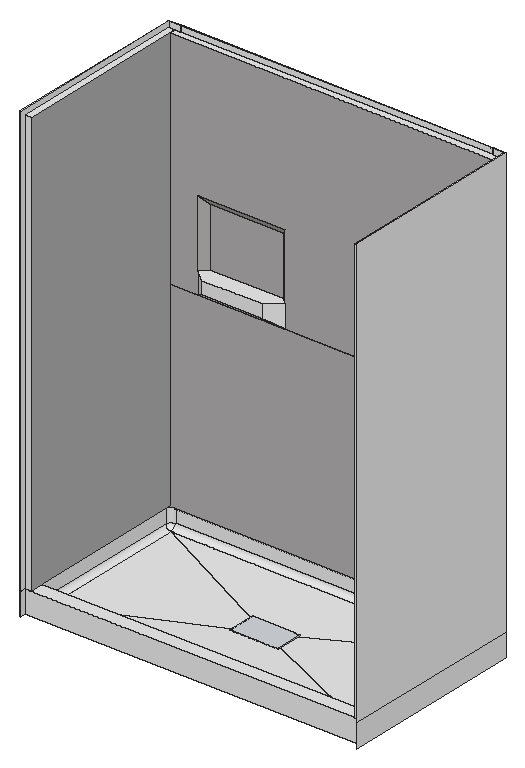
Revit family "5LBS6032SQ.V2", category Plumbing Fixtures, Revit 2019
Family settings
  Round Connector Dimension = Use Diameter
  Part Type = Normal
  OmniClass Number = 23.45.05.14.17
  OmniClass Title = Showers
  Work Plane-Based = No
  Always vertical = Yes
  Cut with Voids When Loaded = No
  Shared = No
  Room Calculation Point = No
Parameters (values of type "5LBS6032SQ.V2")
  Unit Width = 60"
  Unit Height = 80 1/2"
  Unit Depth = 33"
  URL = "http://www.bestbath.com/"
  Type Comments = "Remodeler"
  Model = "5LBS6032SQ.V2"
  Material [instance] = Best Bath Gelcoat Fiberglass - 4 x 8 Subway Tile
  Manufacturer = "Best Bath Systems, Inc."
  Keynote = "22 40 00.B3"
  Description = "4 x 8 Subway Tile Finish"
  Assembly Code = "D2010710"
Reference planes (in)
  plane 1 "Back": y = -0.5
  plane 2: z = 0
  plane 3 "Left": x = 0
  plane 4: x = 60
  plane 5: y = -32.5
  plane 6: z = 79.5
  plane 7: z = 0.75
  plane 8: z = 80.5
  plane 9: x = 30
  plane 10: y = -1.75
  plane 11: y = -16.5
  plane 12: z = 0.375
  plane 13: z = 4
  plane 14: z = 39.5
  plane 15: y = -33.5
  plane 16: z = 43.5
Forms (in)
  Extrusion 1, solid, material "Best Bath Gelcoat Fiberglass - Smooth"
    sketch origin (0, 0, 0) x (1, 0, 0) y (0, 1, 0)
      loop
        line (0, -0.5) -> (0, -32.5) -> (60, -32.5) -> (60, -0.5) -> (0, -0.5)
    from 0 to 0.75
  Extrusion 2, solid, material "Best Bath Gelcoat Fiberglass - Smooth"
    sketch origin (0, 0, 0) x (1, 0, 0) y (0, 1, 0)
      loop
        line (1.25, -0.5) -> (1.25, -1.75) -> (58.75, -1.75) -> (58.75, -0.5) -> (1.25, -0.5)
    from 4 to 39.5
  Extrusion 3, solid, material "Best Bath Gelcoat Fiberglass - Smooth"
    sketch origin (0, 0, 0) x (1, 0, 0) y (0, 1, 0)
      loop
        line (0, -32.5) -> (1.25, -32.5) -> (1.25, -2.75)
        arc (1.25, -2.75) -> (1.54289, -2.04289) -> (2.25, -1.75) r 1
        line (2.25, -1.75) -> (57.75, -1.75)
        arc (57.75, -1.75) -> (58.45711, -2.04289) -> (58.75, -2.75) r 1
        line (58.75, -2.75) -> (58.75, -32.5) -> (60, -32.5) -> (60, -0.5) -> (0, -0.5) -> (0, -32.5)
    from 0 to 4
  Extrusion 4, solid, material "Best Bath Gelcoat Fiberglass - Smooth"
    sketch origin (0, 0, 0) x (1, 0, 0) y (0, 1, 0)
      loop
        line (0, -32.5) -> (1.25, -32.5) -> (1.25, -0.5) -> (0, -0.5) -> (0, -32.5)
      loop
        line (58.75, -32.5) -> (60, -32.5) -> (60, -0.5) -> (58.75, -0.5) -> (58.75, -32.5)
    from 4 to 79.5
  Sweep 5, solid, material "Best Bath Gelcoat Fiberglass - Smooth"
    path origin (0, 0, 0) x (1, 0, 0) y (0, 1, 0)
      loop
        line (1.25, -32.5) -> (1.25, -2.75)
        arc (1.25, -2.75) -> (1.54289, -2.04289) -> (2.25, -1.75) r 1
        line (2.25, -1.75) -> (57.75, -1.75)
        arc (57.75, -1.75) -> (58.45711, -2.04289) -> (58.75, -2.75) r 1
        line (58.75, -2.75) -> (58.75, -32.5)
    profile origin (1.25, -17.625, 0) x (-1, 0, 0) y (0, 0, 1)
      loop
        line (0, 0.75) -> (0, 1.7)
        arc (0, 1.7) -> (-0.27825, 1.02825) -> (-0.95, 0.75) r 0.95
        line (-0.95, 0.75) -> (0, 0.75)
  Blend 6, void
    base sketch origin (0, 0, 0) x (1, 0, 0) y (0, 1, 0)
      loop
        line (2.25, -29.5) -> (57.75, -29.5) -> (57.75, -2.75) -> (2.25, -2.75) -> (2.25, -29.5)
    top sketch origin (0, 0, 0) x (1, 0, 0) y (0, 1, 0)
      loop
        circle (30, -16.5) r 0.07155
    from 0.75 to 0.375
  Extrusion 7, solid, material "Best Bath Gelcoat Fiberglass - Smooth"
    sketch origin (0, 0, 0) x (1, 0, 0) y (0, 1, 0)
      loop
        line (1.25, -0.5) -> (1.25, -1.75) -> (58.75, -1.75) -> (58.75, -0.5) -> (1.25, -0.5)
    from 39.5 to 79.5
  Sweep 8, solid, material "Best Bath Gelcoat Fiberglass - Smooth"
    path origin (0, 0, 0) x (1, 0, 0) y (0, 1, 0)
      loop
        line (1.25, -32.5) -> (58.75, -32.5)
    profile origin (30, -32.5, 0) x (0, 1, 0) y (0, 0, 1)
      loop
        line (0, 0) -> (3.15, 0) -> (2.35, 4) -> (0, 4) -> (0, 0)
  Extrusion 9, solid, material "Best Bath Gelcoat Fiberglass - Smooth"
    sketch origin (0, 0, 0) x (1, 0, 0) y (0, 1, 0)
      loop
        line (0, -32.5) -> (0, -33.5) -> (0.125, -33.5) -> (0.125, -32.5) -> (0, -32.5)
      loop
        line (60, -32.5) -> (59.875, -32.5) -> (59.875, -33.5) -> (60, -33.5) -> (60, -32.5)
    from 0 to 4
  Extrusion 10, solid, material "Best Bath Gelcoat Fiberglass - Smooth"
    sketch origin (0, 0, 0) x (1, 0, 0) y (0, 1, 0)
      loop
        line (2.25, -0.5) -> (2.25, -0.625) -> (57.75, -0.625) -> (57.75, -0.5) -> (2.25, -0.5)
    from 79.5 to 80.5
  Extrusion 11, solid, material "Best Bath Gelcoat Fiberglass - Smooth"
    sketch origin (0, 0, 0) x (1, 0, 0) y (0, 1, 0)
      loop
        line (0, -33.5) -> (0.125, -33.5) -> (0.125, -0.625) -> (2.25, -0.625) -> (2.25, -0.5) -> (0, -0.5) -> (0, -33.5)
      loop
        line (60, -33.5) -> (60, -0.5) -> (57.75, -0.5) -> (57.75, -0.625) -> (59.875, -0.625) -> (59.875, -33.5) -> (60, -33.5)
    from 4 to 80.5
  Blend 12, void
    base sketch origin (59.5, -38.5, 0.5) x (-1, 0, 0) y (0, 0, -1)
      loop
        line (37.75, -43) -> (37.75, -54.75) -> (53.25, -54.75) -> (53.25, -43) -> (37.75, -43)
    top sketch origin (59.5, -38.5, 0.5) x (-1, 0, 0) y (0, 0, -1)
      loop
        line (39, -43) -> (39, -53.5) -> (52, -53.5) -> (52, -43) -> (39, -43)
    from -36.75 to -37.75
  Blend 13, solid, material "Best Bath Gelcoat Fiberglass - Smooth"
    base sketch origin (59.5, -38, 0.5) x (-1, 0, 0) y (0, 0, -1)
      loop
        line (53.25, -43) -> (53.25, -39) -> (37.75, -39) -> (37.75, -43) -> (53.25, -43)
    top sketch origin (59.5, -38, 0.5) x (-1, 0, 0) y (0, 0, -1)
      loop
        line (40.125, -43) -> (50.875, -43) -> (50.875, -40.625) -> (40.125, -40.625) -> (40.125, -43)
    from -36.25 to -34.25
  Blend 14, void
    base sketch origin (0.5, -38.5, 0.5) x (1, 0, 0) y (0, 0, 1)
      loop
        line (37.75, 43) -> (53.25, 43) -> (53.25, 54.75) -> (37.75, 54.75) -> (37.75, 43)
    top sketch origin (0.5, -38.5, 0.5) x (1, 0, 0) y (0, 0, 1)
      loop
        line (39, 43) -> (52, 43) -> (52, 53.5) -> (39, 53.5) -> (39, 43)
    from -36.75 to -37.75
  Blend 15, solid, material "Best Bath Gelcoat Fiberglass - Smooth"
    base sketch origin (0.5, -38, 0.5) x (1, 0, 0) y (0, 0, 1)
      loop
        line (53.25, 43) -> (37.75, 43) -> (37.75, 39) -> (53.25, 39) -> (53.25, 43)
    top sketch origin (0.5, -38, 0.5) x (1, 0, 0) y (0, 0, 1)
      loop
        line (40.125, 43) -> (40.125, 40.625) -> (50.875, 40.625) -> (50.875, 43) -> (40.125, 43)
    from -36.25 to -34.25
  Extrusion 16, void
    sketch origin (0, 0, 0.75) x (0, 1, 0) y (1, 0, 0)
      loop
        line (-14, 25.75) -> (-14, 34.25) -> (-19, 34.25) -> (-19, 25.75) -> (-14, 25.75)
    from 0 to 0.5
  Extrusion 17, void
    sketch origin (0, 0, 0.75) x (0, 1, 0) y (1, 0, 0)
      loop
        circle (-16.5, 30) r 1.25
    from 0 to 1
  Extrusion 18, solid
    sketch origin (0, 0, 0.25) x (0, 1, 0) y (-1, 0, 0)
      loop
        line (-14, -25.75) -> (-19, -25.75) -> (-19, -34.25) -> (-14, -34.25) -> (-14, -25.75)
    from 0 to 0.25
Cuts and joins
  Blend 6, Extrusion 16, Extrusion 17 cuts Extrusion 1
  Blend 6, Extrusion 16, Extrusion 17 cuts Extrusion 3
  Blend 6, Extrusion 16, Extrusion 17 cuts Sweep 5
  Extrusion 16, Extrusion 17 cuts Sweep 8
  Extrusion 16, Extrusion 17 cuts Extrusion 9
  joined: Extrusion 1, Extrusion 3, Sweep 5, Sweep 8, Extrusion 9
  Blend 12, Blend 14 cuts Extrusion 7
  Blend 12, Blend 14 cuts Extrusion 10
  Blend 14 cuts Blend 13
  joined: Extrusion 7, Extrusion 10, Blend 13
  joined: Extrusion 4, Extrusion 11
Dimensions and locks (in)
  "Unit Width": plane 3 "Left" to plane 4
  locked: plane 7 to level at 0.75
  locked: plane 8 to plane 6 at 1
  "Unit Height": plane 8 to level
  plane 3 "Left" to plane 9 to plane 4 = 30", 30"
  locked: plane 1 "Back" to plane 11 at 16
  plane 10 to plane 1 "Back" = 1 1/4"
  locked: plane 7 to plane 12 at 0.375
  locked: plane 14 to plane 13 at 35.5
  locked: plane 13 to level at 4
  locked: plane 5 to plane 15 at 1
  "Unit Depth": plane 15 to plane 1 "Back"
  locked: plane 16 to plane 13 at 39.5
  aligned and locked: level to plane 2
  aligned and locked: Extrusion 1 to plane 7
  aligned and locked: plane 5 to Extrusion 1 sketch curve
  aligned and locked: plane 4 to Extrusion 1 sketch curve
  aligned and locked: Extrusion 2 sketch curve to Extrusion 1
  aligned and locked: Extrusion 2 sketch curve to plane 10
  aligned and locked: plane 13 to Extrusion 3
  aligned and locked: Extrusion 2 to plane 13
  aligned and locked: Extrusion 4 to Extrusion 2
  aligned and locked: plane 6 to Extrusion 4
  aligned and locked: Sweep 5 sketch curve to plane 7
  aligned and locked: plane 11 to Blend 6 sketch curve
  aligned and locked: plane 9 to Blend 6 sketch curve
  aligned and locked: Blend 6 to plane 12
  aligned and locked: Extrusion 1 to Blend 6
  aligned and locked: plane 14 to Extrusion 2
  aligned and locked: Extrusion 7 to Extrusion 2  (x2)
  aligned and locked: plane 6 to Extrusion 7
  aligned and locked: Extrusion 9 to Extrusion 2
  aligned and locked: plane 8 to Extrusion 10
  aligned and locked: Extrusion 10 to plane 6
  aligned and locked: Extrusion 11 to Extrusion 2
  aligned and locked: plane 8 to Extrusion 11
  aligned and locked: Extrusion 7 to cut or joined group of Extrusion 1, Extrusion 3, Sweep 5, Blend 6, Sweep 8, Extrusion 9, Extrusion 16, Extrusion 17
  aligned and locked: Extrusion 2 to cut or joined group of Extrusion 1, Extrusion 3, Sweep 5, Blend 6, Sweep 8, Extrusion 9, Extrusion 16, Extrusion 17
  aligned and locked: cut or joined group of Extrusion 1, Extrusion 3, Sweep 5, Blend 6, Sweep 8, Extrusion 9, Extrusion 16, Extrusion 17 to Extrusion 2
Automatic sketch dimensions
  plane 3 "Left" to Extrusion 2 sketch curve = 1 1/4"
  plane 4 to Extrusion 2 sketch curve = 1 1/4"
  Extrusion 3 sketch curve to plane 3 "Left" = 0"
  Extrusion 3 sketch curve to plane 5 = 0"  (x2)
  Extrusion 3 sketch curve to plane 10 = 0"
  plane 1 "Back" to Extrusion 3 sketch curve = 0"
  Extrusion 3 sketch curve to plane 4 = 0"
  plane 3 "Left" to Extrusion 3 sketch curve = 1 1/4"
  Extrusion 3 sketch curve to plane 10 = 1"
  plane 4 to Extrusion 3 sketch curve = 2 1/4"
  plane 4 to Extrusion 3 sketch curve = 1 1/4"
  Extrusion 4 sketch curve to plane 3 "Left" = 0"
  Extrusion 4 sketch curve to plane 5 = 0"  (x2)
  plane 1 "Back" to Extrusion 4 sketch curve = 0"  (x2)
  Extrusion 4 sketch curve to plane 4 = 0"
  plane 3 "Left" to Extrusion 4 sketch curve = 1 1/4"
  Sweep 5 sketch curve to plane 5 = 0"  (x2)
  Sweep 5 sketch curve to plane 10 = 0"
  plane 3 "Left" to Sweep 5 sketch curve = 1 1/4"
  Sweep 5 sketch curve to Sweep 5 sketch curve = 1"
  Sweep 5 sketch curve to plane 10 = 1"
  plane 4 to Sweep 5 sketch curve = 2 1/4"
  Sweep 5 sketch curve to profile plane = 0"
  profile plane to Sweep 5 sketch curve = 0.95"
  Blend 6 sketch curve to plane 10 = 1"
  plane 3 "Left" to Blend 6 sketch curve = 2 1/4"
  plane 4 to Blend 6 sketch curve = 2 1/4"
  plane 5 to Blend 6 sketch curve = 3"
  plane 1 "Back" to Extrusion 7 sketch curve = 0"
  Extrusion 7 sketch curve to plane 10 = 0"
  plane 3 "Left" to Extrusion 7 sketch curve = 1 1/4"
  plane 4 to Extrusion 7 sketch curve = 1 1/4"
  Sweep 8 sketch curve to plane 5 = 0"
  plane 3 "Left" to Sweep 8 sketch curve = 1 1/4"
  plane 4 to Sweep 8 sketch curve = 1 1/4"
  Extrusion 9 sketch curve to plane 3 "Left" = 0"
  Extrusion 9 sketch curve to plane 15 = 0"  (x2)
  Extrusion 9 sketch curve to plane 5 = 0"  (x2)
  Extrusion 9 sketch curve to plane 4 = 0"
  plane 3 "Left" to Extrusion 9 sketch curve = 1/8"
  Extrusion 9 sketch curve to Extrusion 9 sketch curve = 1/8"
  plane 1 "Back" to Extrusion 10 sketch curve = 0"
  plane 1 "Back" to Extrusion 10 sketch curve = 1/8"
  plane 3 "Left" to Extrusion 10 sketch curve = 2 1/4"
  plane 4 to Extrusion 10 sketch curve = 2 1/4"
  Extrusion 11 sketch curve to plane 3 "Left" = 0"
  Extrusion 11 sketch curve to plane 15 = 0"  (x2)
  plane 1 "Back" to Extrusion 11 sketch curve = 0"  (x2)
  Extrusion 11 sketch curve to plane 4 = 0"
  plane 3 "Left" to Extrusion 11 sketch curve = 1/8"
  plane 1 "Back" to Extrusion 11 sketch curve = 1/8"  (x2)
  Extrusion 11 sketch curve to Extrusion 11 sketch curve = 2 1/8"
  Extrusion 11 sketch curve to Extrusion 11 sketch curve = 2 1/4"
  Extrusion 11 sketch curve to Extrusion 11 sketch curve = 1/8"
  Blend 12 sketch curve to plane 16 = 0"  (x2)
  plane 9 to Blend 12 sketch curve = 8 1/4"
  plane 3 "Left" to Blend 12 sketch curve = 6 1/4"
  plane 16 to Blend 12 sketch curve = 11 3/4"
  plane 9 to Blend 12 sketch curve = 9 1/2"
  plane 3 "Left" to Blend 12 sketch curve = 7 1/2"
  plane 16 to Blend 12 sketch curve = 10 1/2"
  Blend 13 sketch curve to plane 16 = 0"  (x2)
  Blend 13 sketch curve to plane 14 = 0"
  plane 9 to Blend 13 sketch curve = 8 1/4"
  plane 3 "Left" to Blend 13 sketch curve = 6 1/4"
  plane 14 to Blend 13 sketch curve = 1 5/8"
  plane 9 to Blend 13 sketch curve = 10 5/8"
  plane 3 "Left" to Blend 13 sketch curve = 8 5/8"
  Blend 14 sketch curve to plane 16 = 0"  (x2)
  Blend 14 sketch curve to plane 9 = 8 1/4"
  plane 4 to Blend 14 sketch curve = 6 1/4"
  plane 16 to Blend 14 sketch curve = 11 3/4"
  Blend 14 sketch curve to plane 9 = 9 1/2"
  plane 4 to Blend 14 sketch curve = 7 1/2"
  plane 16 to Blend 14 sketch curve = 10 1/2"
  Blend 15 sketch curve to plane 16 = 0"  (x2)
  Blend 15 sketch curve to plane 14 = 0"
  Blend 15 sketch curve to plane 9 = 8 1/4"
  plane 4 to Blend 15 sketch curve = 6 1/4"
  plane 14 to Blend 15 sketch curve = 1 5/8"
  Blend 15 sketch curve to plane 9 = 10 5/8"
  plane 4 to Blend 15 sketch curve = 8 5/8"
  Sweep 8 sketch curve to profile plane = 0"  (x2)
  Sweep 8 sketch curve to profile plane = 2.35"
  Sweep 8 sketch curve to profile plane = 3.15"
  profile plane to Sweep 8 sketch curve = 4"
  Extrusion 4 sketch curve to Extrusion 4 sketch curve = 1 1/4"
  Extrusion 1 sketch curve to plane 3 "Left" = 0"
  plane 1 "Back" to Extrusion 1 sketch curve = 0"
  Extrusion 16 sketch curve to Extrusion 1 = 25 3/4"
  Extrusion 16 sketch curve to Extrusion 16 sketch curve = 8 1/2"
  Extrusion 16 sketch curve to Extrusion 1 = 13 1/2"
  Extrusion 16 sketch curve to Extrusion 16 sketch curve = 5"
  Extrusion 17 sketch curve to Extrusion 1 = 16"
  Extrusion 17 sketch curve to Extrusion 1 = 30"
  Extrusion 18 sketch curve to Extrusion 16 = 0"  (x4)
  radius of Blend 6 sketch curve = 0.07155"
  radius of Extrusion 17 sketch curve = 1 1/4"
